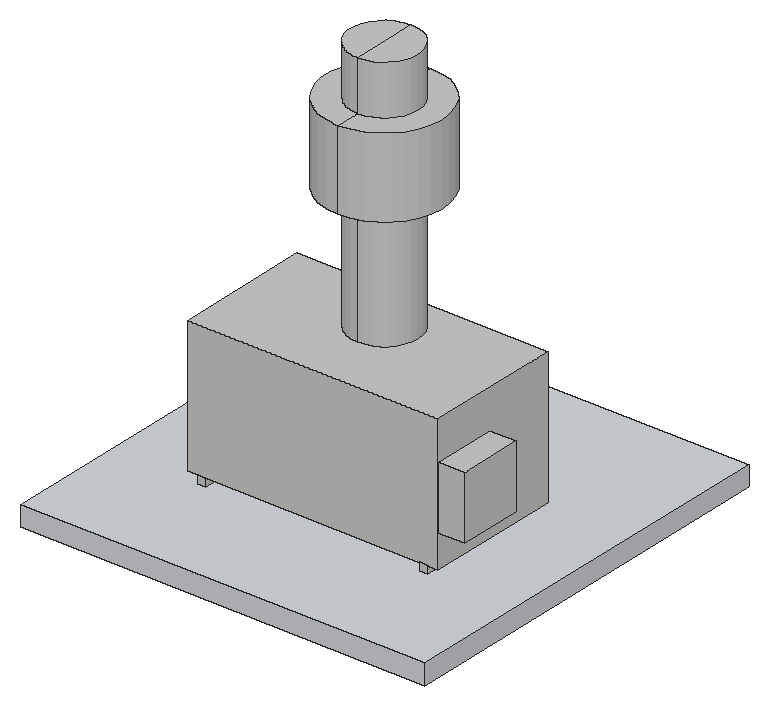
Revit family "DC_Rheem_PLM_Raypak_B1142HWT", category Plumbing Fixtures, host Face, Revit 2020
Family settings
  Host = Face
  Round Connector Dimension = Use Radius
  Part Type = Normal
  Cut with Voids When Loaded = No
  Shared = No
  Room Calculation Point = No
Parameters (values of type "Raypak - Gas Water Heater- Outdoor - 1090 MJ/h  Propane gas, modulating gas control")
  URL = "http://www.rheem.com.au/CommercialProducts"
  Type Comments = "Recovery 4128L/h @ 50°C rise\r\n"
  TopSmallDia_ANZRS = 405 mm  # constant formula
  TopH2_ANZRS = 480 mm
  TopH1_ANZRS = 300 mm
  TopBigDia_ANZRS = 700 mm
  PRVDiameter_ANZRS = PRVRadius_ANZRS * 2  # 15 mm
  Materials_ANZRS = Raypak - Grey Powder Coated Steel
  PRVRadius_ANZRS = 7.5 mm
  PVRDist_ANZRS = 85 mm
  Model = "B1142PCM/HWT\r\n"
  Manufacturer = "Raypak\r\n"
  Length_ANZRS = 1510 mm
  HotWaterPipeDist_ANZRS = 155 mm
  HotWaterPipeRadius_ANZRS = 32.5 mm
  HotWaterPipeDiameter_ANZRS = HotWaterPipeRadius_ANZRS * 2  # 65 mm
  GasPipeRadius_ANZRS = 10 mm
  GasPipeHeight_ANZRS = 410 mm
  GasPipeDist_ANZRS = 130 mm
  GasPipeDiameter_ANZRS = GasPipeRadius_ANZRS * 2  # 20 mm
  EleBoxWidth_ANZRS = 160 mm
  EleBoxHeightfromBase_ANZRS = 245 mm
  EleBoxHeight_ANZRS = 380 mm
  DesignBy_ANZRS = "Design Content ©"
  ColdWaterPipeDiameter_ANZRS = ColdWaterPipeRadius_ANZRS * 2  # 65 mm
  Author_ANZRS = "DM"
  Description = "Raypak - Gas Water Heater- Outdoor - 1090 MJ/h  Propane gas, modulating gas control\r\n"
  Default Elevation = 0 mm  # constant formula
  ConnHeight_ANZRS = 755 mm
  ColdWaterPipeRadius_ANZRS = 32.5 mm
  ColdWaterPipeDisi_ANZRS = 280 mm
  BoxHeight_ANZRS = 860 mm
  BaseWidth_ANZRS = 50 mm
  BaseHeight_ANZRS = 45 mm
  BaseDist_ANZRS = 60 mm
  Assembly Code = ""
Types (5, lengths in mm): name | URL | Type Comments | Model | GasPipeRadius_ANZRS | GasPipeDiameter_ANZRS | Description
  (no name) | "http://www.rheem.com.au/downloads/PDF/Raypak_Mechanical_Heating_Brochure_July_09.pdf\r\n" | "Recovery 4128L/h @ 50°C rise\r\n" | "B1142PCO/HWT\r\n" | 16 | 32 | "Raypak - Gas Water Heater- Outdoor - 1090 MJ/h  Propane gas, On/Off gas control\r\n"
  Raypak - Gas Water Heater- Outdoor - 1142 MJ/h  Natural gas, modulating gas control | "http://www.rheem.com.au/CommercialProducts" | "Recovery 4386L/h @ 50°C rise\r\n" | "B1142NCM/HWT\r\n" | 20 | 40 | "Raypak - Gas Water Heater- Outdoor - 1142 MJ/h  Natural gas, modulating gas control\r\n"
  Raypak - Gas Water Heater- Outdoor - 1142 MJ/h  Natural gas, On/Off gas control | "http://www.rheem.com.au/CommercialProducts" | "Recovery 4386L/h @ 50°C rise\r\n" | "B1142NCO/HWT\r\n" | 20 | 40 | "Raypak - Gas Water Heater- Outdoor - 1142 MJ/h  Natural gas, On/Off gas control\r\n"
  Raypak - Gas Water Heater- Outdoor - 1090 MJ/h  Propane gas, modulating gas control | "http://www.rheem.com.au/CommercialProducts" | "Recovery 4128L/h @ 50°C rise\r\n" | "B1142PCM/HWT\r\n" | 10 | 20 | "Raypak - Gas Water Heater- Outdoor - 1090 MJ/h  Propane gas, modulating gas control\r\n"
  Raypak - Gas Water Heater- Outdoor - 1090 MJ/h  Propane gas, On/Off gas control | "http://www.rheem.com.au/CommercialProducts" | "Recovery 4128L/h @ 50°C rise\r\n" | "B1142PCO/HWT\r\n" | 16 | 32 | "Raypak - Gas Water Heater- Outdoor - 1090 MJ/h  Propane gas, On/Off gas control\r\n"
Reference planes
  plane 1 "Center (Front/Back)": y = 0
  plane 2: z = 0
  plane 3 "Center (Left/Right)": x = 0
  plane 4: z = 45
  plane 5: x = -755
  plane 6: x = 755
  plane 7: x = 915
  plane 8: z = 245
  plane 9: z = 860
  plane 10: x = -695
  plane 11: x = 695
  plane 12: x = -645
  plane 13: x = 645
  plane 14: y = 285
  plane 15: y = -540
  plane 16: z = 2395
  plane 17: z = 2095
  plane 18: z = 1615
  plane 19: y = 202.5
  plane 20: y = -202.5
  plane 21: y = 350
  plane 22: y = -350
  plane 23: z = 755
  plane 24: y = 200
  plane 25: y = 130
  plane 26: y = -150
  plane 27: y = -410
  plane 28: z = 410
  plane 29: z = 625
  plane 30: x = -202.5
  plane 31: x = 202.5
  plane 32: x = -350
  plane 33: x = 350
  plane 34: x = -745
  plane 35: x = -775
  plane 36: y = -155
Forms (mm)
  Extrusion 1, solid
    sketch origin (0, 0, 0) x (1, 0, 0) y (0, 1, 0)
      loop
        line (-1219.2, 1219.2) -> (-1219.2, -1219.2) -> (1219.2, -1219.2) -> (1219.2, 1219.2) -> (-1219.2, 1219.2)
    from 0 to -120
  Extrusion 2, solid, material "Raypak - Grey Powder Coated Steel" <- "Materials_ANZRS"
    sketch origin (0, 0, 0) x (1, 0, 0) y (0, 0, 1)
      loop
        line (-695, 45) -> (-695, 0) -> (-645, 0) -> (-645, 45) -> (-695, 45)
      loop
        line (645, 45) -> (645, 0) -> (695, 0) -> (695, 45) -> (645, 45)
    from -285 to 540
  Extrusion 3, solid, material "Raypak - Grey Powder Coated Steel" <- "Materials_ANZRS"
    sketch origin (0, 0, 0) x (1, 0, 0) y (0, 1, 0)
      loop
        line (-755, 285) -> (-755, -540) -> (755, -540) -> (755, 285) -> (-755, 285)
    from 45 to 860
  Revolve 4, solid, material "Raypak - Grey Powder Coated Steel" <- "Materials_ANZRS"
    sketch origin (0, 0, 0) x (0, 1, 0) y (0, 0, 1)
      loop
        line (0, 2395) -> (-202.5, 2395) -> (-202.5, 2095) -> (-350, 2095) -> (-350, 1615) -> (-202.5, 1615) -> (-202.5, 860) -> (0, 860) -> (0, 2395)
      axis (0, 2395) -> (0, 860)
    angle from 0 to 360
  Extrusion 5, solid, material "Raypak - Grey Powder Coated Steel" <- "Materials_ANZRS"
    sketch origin (0, 0, 0) x (1, 0, 0) y (0, 0, 1)
      loop
        line (755, 625) -> (755, 245) -> (915, 245) -> (915, 625) -> (755, 625)
    from 155 to 540
  Extrusion 6, void
    sketch origin (0, 0, 0) x (0, 1, 0) y (0, 0, 1)
      loop
        circle (200, 755) r 7.5
      loop
        circle (130, 755) r 32.5
      loop
        circle (-150, 755) r 32.5
    from -755 to -745
  Extrusion 7, solid, material "Raypak - Grey Powder Coated Steel" <- "Materials_ANZRS"
    sketch origin (0, 0, 0) x (0, 1, 0) y (0, 0, 1)
      loop
        circle (-410, 410) r 10
    from -775 to -755
Cuts and joins
  Extrusion 6 cuts Extrusion 3
  joined: Extrusion 3, Extrusion 7
Lines and regions (mm)
  Masking region 1
    outline origin (0, 0, 0) x (1, 0, 0) y (0, 1, 0)
      loop
        line (-755, 285) -> (-755, -395) -> (-775, -395) -> (-775, -425) -> (-755, -425) -> (-755, -540) -> (915, -540) -> (915, -155) -> (755, -155) -> (755, 285) -> (203.162, 285)
        arc (203.162, 285) -> (106.654, 333.354) -> (0, 350) r 350
        arc (0, 350) -> (-106.654, 333.354) -> (-203.162, 285) r 350
        line (-203.162, 285) -> (-755, 285)
  Masking region 2
    outline origin (0, 0, 0) x (1, 0, 0) y (0, 0, 1)
      loop
        line (202.5, 2395) -> (-202.5, 2395) -> (-202.5, 2095) -> (-350, 2095) -> (-350, 1615) -> (-202.5, 1615) -> (-202.5, 860) -> (-755, 860) -> (-755, 425) -> (-775, 425) -> (-775, 395) -> (-755, 395) -> (-755, 45) -> (-695, 45) -> (-695, 0) -> (-645, 0) -> (-645, 45) -> (645, 45) -> (645, 0) -> (695, 0) -> (695, 45) -> (755, 45) -> (755, 245) -> (915, 245) -> (915, 625) -> (755, 625) -> (755, 860) -> (202.5, 860) -> (202.5, 1615) -> (350, 1615) -> (350, 2095) -> (202.5, 2095) -> (202.5, 2395)
  Masking region 3
    outline origin (0, 0, 0) x (0, 1, 0) y (0, 0, 1)
      loop
        line (202.5, 2395) -> (-202.5, 2395) -> (-202.5, 2095) -> (-350, 2095) -> (-350, 1615) -> (-202.5, 1615) -> (-202.5, 860) -> (-540, 860) -> (-540, 0) -> (285, 0) -> (285, 860) -> (202.5, 860) -> (202.5, 1615) -> (350, 1615) -> (350, 2095) -> (202.5, 2095) -> (202.5, 2395)
  symbolic lines, style "Rheem Raypak", detail levels fine
    curve 1: line (-350, 0, 2095) -> (-350, 0, 1615)
    curve 2: line (-350, 0, 1615) -> (350, 0, 1615)
    curve 3: line (-202.5, 0, 1615) -> (-202.5, 0, 860)
    curve 4: line (-202.5, 0, 2395) -> (-202.5, 0, 2095)
    curve 5: line (202.5, 0, 2395) -> (-202.5, 0, 2395)
    curve 6: line (202.5, 0, 2095) -> (202.5, 0, 2395)
    curve 7: line (350, 0, 2095) -> (-350, 0, 2095)
    curve 8: line (350, 0, 1615) -> (350, 0, 2095)
    curve 9: line (202.5, 0, 860) -> (202.5, 0, 1615)
    curve 10: line (755, 0, 860) -> (-755, 0, 860)
    curve 11: line (755, 0, 45) -> (755, 0, 860)
    curve 12: line (-755, 0, 860) -> (-755, 0, 45)
    curve 13: line (-755, 0, 45) -> (755, 0, 45)
    curve 14: line (-645, 0, 0) -> (-645, 0, 45)
    curve 15: line (-695, 0, 0) -> (-645, 0, 0)
    curve 16: line (-695, 0, 45) -> (-695, 0, 0)
    curve 17: line (695, 0, 0) -> (695, 0, 45)
    curve 18: line (645, 0, 45) -> (645, 0, 0)
    curve 19: line (645, 0, 0) -> (695, 0, 0)
    curve 20: line (755, 0, 245) -> (915, 0, 245)
    curve 21: line (915, 0, 245) -> (915, 0, 625)
    curve 22: line (915, 0, 625) -> (755, 0, 625)
    curve 23: line (-775, 0, 395) -> (-755, 0, 395)
    curve 24: line (-775, 0, 425) -> (-775, 0, 395)
    curve 25: line (-755, 0, 425) -> (-775, 0, 425)
    curve 26: line (0, -350, 2095) -> (0, 350, 2095)
    curve 27: line (0, -350, 1615) -> (0, 350, 1615)
    curve 28: line (0, 350, 1615) -> (0, 350, 2095)
    curve 29: line (0, -350, 2095) -> (0, -350, 1615)
    curve 30: line (0, -202.5, 2395) -> (0, -202.5, 2095)
    curve 31: line (0, 202.5, 2095) -> (0, 202.5, 2395)
    curve 32: line (0, -202.5, 2395) -> (0, 202.5, 2395)
    curve 33: line (0, -202.5, 1615) -> (0, -202.5, 860)
    curve 34: line (0, 202.5, 860) -> (0, 202.5, 1615)
    curve 35: line (0, 285, 860) -> (0, -540, 860)
    curve 36: line (0, -540, 860) -> (0, -540, 45)
    curve 37: line (0, 285, 45) -> (0, 285, 860)
    curve 38: line (0, -540, 45) -> (0, 285, 45)
    curve 39: line (0, 285, 0) -> (0, 285, 45)
    curve 40: line (0, -540, 45) -> (0, -540, 0)
    curve 41: line (0, -540, 0) -> (0, 285, 0)
    curve 42: arc (0, -182.5, 755) -> (0, -150, 722.5) -> (0, -117.5, 755) r 32.5
    curve 43: arc (0, -117.5, 755) -> (0, -150, 787.5) -> (0, -182.5, 755) r 32.5
    curve 44: arc (0, -400, 410) -> (0, -410, 400) -> (0, -420, 410) r 10
    curve 45: arc (0, -420, 410) -> (0, -410, 420) -> (0, -400, 410) r 10
    curve 46: arc (0, 97.5, 755) -> (0, 130, 722.5) -> (0, 162.5, 755) r 32.5
    curve 47: arc (0, 162.5, 755) -> (0, 130, 787.5) -> (0, 97.5, 755) r 32.5
    curve 48: arc (0, 192.5, 755) -> (0, 200, 747.5) -> (0, 207.5, 755) r 7.5
    curve 49: arc (0, 207.5, 755) -> (0, 200, 762.5) -> (0, 192.5, 755) r 7.5
    curve 50: arc (0, -350, 0) -> (-350, 0, 0) -> (0, 350, 0) r 350
    curve 51: arc (0, 350, 0) -> (350, 0, 0) -> (0, -350, 0) r 350
    curve 52: arc (0, 202.5, 0) -> (202.5, 0, 0) -> (0, -202.5, 0) r 202.5
    curve 53: arc (0, -202.5, 0) -> (-202.5, 0, 0) -> (0, 202.5, 0) r 202.5
    curve 54: line (755, 285, 0) -> (180.662, 285, 0)
    curve 55: line (755, -540, 0) -> (755, 285, 0)
    curve 56: line (-755, -540, 0) -> (755, -540, 0)
    curve 57: line (-755, 285, 0) -> (-755, -540, 0)
    curve 58: line (915, 285, 0) -> (755, 285, 0)
    curve 59: line (915, -540, 0) -> (915, 285, 0)
    curve 60: line (755, -540, 0) -> (915, -540, 0)
    curve 61: line (-775, -395, 0) -> (-775, -425, 0)
    curve 62: line (-180.662, 285, 0) -> (-755, 285, 0)
    curve 63: line (-775, -395, 0) -> (-755, -395, 0)
    curve 64: line (-775, -425, 0) -> (-755, -425, 0)
Dimensions and locks
  "BaseHeight_ANZRS": plane 4 to level
  equal spacing: plane 6, plane 3 "Center (Left/Right)", plane 5
  "Length_ANZRS": plane 5 to plane 6
  "EleBoxWidth_ANZRS": plane 6 to plane 7
  "EleBoxHeightfromBase_ANZRS": plane 8 to Extrusion 1
  "EleBoxHeight_ANZRS": plane 29 to plane 8
  "BaseDist_ANZRS": plane 10 to plane 5
  "BaseDist_ANZRS": plane 11 to plane 6
  "BaseWidth_ANZRS": plane 10 to plane 12
  "BaseWidth_ANZRS": plane 11 to plane 13
  plane 1 "Center (Front/Back)" to plane 15 = 540 mm
  plane 14 to plane 15 = 825 mm
  plane 16 to Extrusion 1 = 2395 mm
  "TopSmallDia_ANZRS": plane 19 to plane 20
  equal spacing: plane 19, plane 1 "Center (Front/Back)", plane 20
  equal spacing: plane 21, plane 1 "Center (Front/Back)", plane 22
  "TopBigDia_ANZRS": plane 21 to plane 22
  "ConnHeight_ANZRS": plane 23 to Extrusion 1
  "BoxHeight_ANZRS": plane 9 to Extrusion 1
  "PVRDist_ANZRS": plane 14 to plane 24
  "HotWaterPipeDist_ANZRS": plane 14 to plane 25
  "ColdWaterPipeDisi_ANZRS": plane 25 to plane 26
  "GasPipeDist_ANZRS": plane 27 to plane 15
  "GasPipeHeight_ANZRS": plane 28 to Extrusion 1
  "TopH1_ANZRS": plane 16 to plane 17
  "TopH2_ANZRS": plane 17 to plane 18
  equal spacing: plane 32, plane 3 "Center (Left/Right)", plane 33
  "TopSmallDia_ANZRS": plane 30 to plane 31
  equal spacing: plane 30, plane 3 "Center (Left/Right)", plane 31
  "TopBigDia_ANZRS": plane 32 to plane 33
  locked: plane 5 to plane 34 at 10
  locked: plane 35 to plane 5 at 20
  "ColdWaterPipeRadius_ANZRS": radius of Extrusion 6 sketch curve
  "HotWaterPipeRadius_ANZRS": radius of Extrusion 6 sketch curve
  "PRVRadius_ANZRS": radius of Extrusion 6 sketch curve
  "GasPipeRadius_ANZRS": radius of Extrusion 7 sketch curve
  aligned and locked: plane 2 to Extrusion 1
  aligned and locked: level to Extrusion 1
  aligned and locked: Extrusion 2 sketch curve to plane 4  (x2)
  aligned and locked: Extrusion 2 sketch curve to plane 10
  aligned and locked: level to Extrusion 2 sketch curve  (x2)
  aligned and locked: plane 12 to Extrusion 2 sketch curve
  aligned and locked: plane 13 to Extrusion 2 sketch curve
  aligned and locked: plane 11 to Extrusion 2 sketch curve
  aligned and locked: plane 14 to Extrusion 3 sketch curve
  aligned and locked: plane 15 to Extrusion 3 sketch curve
  aligned and locked: plane 6 to Extrusion 3 sketch curve
  aligned and locked: plane 9 to Extrusion 3
  aligned and locked: Extrusion 3 to plane 4
  aligned and locked: Extrusion 2 to plane 15
  aligned and locked: Extrusion 2 to plane 14
  aligned and locked: plane 16 to Revolve 4 sketch curve
  aligned and locked: Revolve 4 sketch curve to plane 20
  aligned and locked: Revolve 4 sketch curve to plane 22
  aligned and locked: plane 9 to Revolve 4 sketch curve
  aligned and locked: Revolve 4 sketch curve to plane 1 "Center (Front/Back)"
  aligned and locked: Extrusion 5 sketch curve to plane 29
  aligned and locked: Extrusion 5 sketch curve to plane 6
  aligned and locked: plane 8 to Extrusion 5 sketch curve
  aligned and locked: plane 7 to Extrusion 5 sketch curve
  aligned: Extrusion 2 to Extrusion 5
  aligned and locked: Extrusion 5 to Extrusion 2
  aligned and locked: plane 24 to Extrusion 6 sketch curve
  aligned and locked: plane 23 to Extrusion 6 sketch curve  (x3)
  aligned and locked: plane 25 to Extrusion 6 sketch curve
  aligned and locked: plane 26 to Extrusion 6 sketch curve
  aligned and locked: Extrusion 3 to plane 5
  aligned and locked: Extrusion 6 to plane 5
  aligned and locked: Extrusion 6 to plane 34
  aligned and locked: plane 28 to Extrusion 7 sketch curve
  aligned and locked: plane 27 to Extrusion 7 sketch curve
  aligned and locked: plane 35 to Extrusion 7
  aligned: Extrusion 7 to plane 34
  aligned and locked: plane 5 to Extrusion 7
  aligned and locked: Masking region 1 sketch curve to cut or joined group of Extrusion 3, Extrusion 6, Extrusion 7  (x3)
  aligned and locked: Masking region 1 sketch curve to Extrusion 5  (x2)
  aligned and locked: Masking region 1 sketch curve to Revolve 4  (x2)
  aligned and locked: Masking region 2 sketch curve to plane 31
  aligned and locked: Masking region 2 sketch curve to plane 30
  aligned and locked: Masking region 2 sketch curve to plane 16
  aligned and locked: Masking region 2 sketch curve to plane 17
  aligned and locked: Masking region 2 sketch curve to plane 18
  aligned and locked: Masking region 2 sketch curve to plane 33
  aligned and locked: Masking region 2 sketch curve to plane 32
  aligned and locked: Masking region 2 sketch curve to plane 9
  aligned and locked: plane 6 to Masking region 2 sketch curve
  aligned and locked: Masking region 2 sketch curve to plane 29
  aligned and locked: Masking region 2 sketch curve to plane 8
  aligned and locked: plane 7 to Masking region 2 sketch curve
  aligned and locked: Masking region 2 sketch curve to cut or joined group of Extrusion 3, Extrusion 6, Extrusion 7
  aligned and locked: Masking region 2 sketch curve to plane 5
  aligned and locked: Extrusion 1 to Masking region 2 sketch curve  (x2)
  aligned and locked: plane 16 to Masking region 3 sketch curve
  aligned and locked: plane 17 to Masking region 3 sketch curve
  aligned and locked: Masking region 3 sketch curve to plane 22
  aligned and locked: Masking region 3 sketch curve to plane 21
  aligned and locked: Masking region 3 sketch curve to plane 19
  aligned and locked: Masking region 3 sketch curve to plane 20
  aligned and locked: plane 9 to Masking region 3 sketch curve
  aligned and locked: Masking region 3 sketch curve to plane 15
  aligned and locked: plane 14 to Masking region 3 sketch curve
  aligned and locked: Extrusion 1 to Masking region 3 sketch curve
  aligned and locked: plane 18 to Masking region 3 sketch curve
  aligned and locked: Masking region 2 sketch curve to plane 12
  aligned and locked: Masking region 2 sketch curve to plane 10
  aligned and locked: Masking region 2 sketch curve to plane 11
  aligned and locked: plane 13 to Masking region 2 sketch curve
  aligned and locked: Masking region 2 sketch curve to plane 4  (x3)
  aligned and locked: curve 1 to Masking region 2
  aligned and locked: curve 2 to Masking region 2
  aligned and locked: curve 3 to Masking region 2
  aligned and locked: curve 4 to Masking region 2
  aligned and locked: curve 5 to Masking region 2
  aligned and locked: curve 6 to Masking region 2
  aligned and locked: curve 7 to Masking region 2
  aligned and locked: curve 8 to Masking region 2
  aligned and locked: curve 9 to Masking region 2
  aligned and locked: curve 10 to cut or joined group of Extrusion 3, Extrusion 6, Extrusion 7
  aligned and locked: curve 11 to cut or joined group of Extrusion 3, Extrusion 6, Extrusion 7
  aligned and locked: curve 12 to cut or joined group of Extrusion 3, Extrusion 6, Extrusion 7
  aligned and locked: curve 13 to cut or joined group of Extrusion 3, Extrusion 6, Extrusion 7
  aligned and locked: curve 14 to Extrusion 2
  aligned and locked: curve 15 to Extrusion 2
  aligned and locked: curve 16 to Extrusion 2
  aligned and locked: curve 17 to Extrusion 2
  aligned and locked: curve 18 to Extrusion 2
  aligned and locked: curve 19 to Extrusion 2
  aligned and locked: curve 20 to Extrusion 5
  aligned and locked: curve 21 to Extrusion 5
  aligned and locked: curve 22 to Extrusion 5
  aligned and locked: curve 23 to Masking region 2
  aligned and locked: curve 24 to cut or joined group of Extrusion 3, Extrusion 6, Extrusion 7
  aligned and locked: curve 25 to Masking region 2
  aligned and locked: curve 26 to Revolve 4
  aligned and locked: curve 27 to Revolve 4
  aligned and locked: curve 28 to Masking region 3
  aligned and locked: curve 29 to Masking region 3
  aligned and locked: curve 30 to Masking region 3
  aligned and locked: curve 31 to Masking region 3
  aligned and locked: curve 32 to Revolve 4
  aligned and locked: curve 33 to Masking region 3
  aligned and locked: curve 34 to Masking region 3
  aligned and locked: curve 35 to cut or joined group of Extrusion 3, Extrusion 6, Extrusion 7
  aligned and locked: curve 36 to cut or joined group of Extrusion 3, Extrusion 6, Extrusion 7
  aligned and locked: curve 37 to cut or joined group of Extrusion 3, Extrusion 6, Extrusion 7
  aligned and locked: curve 38 to cut or joined group of Extrusion 3, Extrusion 6, Extrusion 7
  aligned and locked: curve 39 to Extrusion 2
  aligned and locked: curve 40 to Extrusion 2
  aligned and locked: curve 41 to Extrusion 2
  aligned and locked: curve 50 to Revolve 4
  aligned and locked: curve 51 to Revolve 4
  aligned and locked: curve 52 to Revolve 4
  aligned and locked: curve 53 to Revolve 4
  aligned and locked: curve 54 to cut or joined group of Extrusion 3, Extrusion 6, Extrusion 7
  aligned and locked: curve 55 to cut or joined group of Extrusion 3, Extrusion 6, Extrusion 7
  aligned and locked: curve 56 to cut or joined group of Extrusion 3, Extrusion 6, Extrusion 7
  aligned and locked: curve 57 to cut or joined group of Extrusion 3, Extrusion 6, Extrusion 7
  aligned and locked: curve 59 to Extrusion 5
  aligned and locked: curve 60 to Extrusion 5
  aligned and locked: curve 61 to cut or joined group of Extrusion 3, Extrusion 6, Extrusion 7
  aligned and locked: curve 46 to cut or joined group of Extrusion 3, Extrusion 6, Extrusion 7
  aligned and locked: curve 48 to cut or joined group of Extrusion 3, Extrusion 6, Extrusion 7
  aligned and locked: curve 42 to cut or joined group of Extrusion 3, Extrusion 6, Extrusion 7
  aligned and locked: curve 44 to cut or joined group of Extrusion 3, Extrusion 6, Extrusion 7
Automatic sketch dimensions
  Extrusion 1 sketch curve to Extrusion 1 sketch curve = 2438.4 mm  (x2)
  Revolve 4 sketch curve to plane 1 "Center (Front/Back)" = 0 mm
  Revolve 4 sketch curve to plane 16 = 51.193 mm
  Revolve 4 sketch curve to level = 2207.352 mm
  Revolve 4 sketch curve to plane 18 = 0 mm
  Revolve 4 sketch curve to plane 20 = 0 mm
  Revolve 4 sketch curve to plane 17 = 0 mm
  Extrusion 3 sketch curve to plane 5 = 0 mm
  plane 30 to Masking region 2 sketch curve = 0 mm
  Masking region 2 sketch curve to plane 18 = 0 mm
  Masking region 2 sketch curve to plane 31 = 0 mm
  Masking region 2 sketch curve to plane 9 = 0 mm
  Masking region 2 sketch curve to plane 17 = 0 mm
  Masking region 2 sketch curve to plane 28 = 15 mm
  Masking region 2 sketch curve to plane 5 = 0 mm
  plane 28 to Masking region 2 sketch curve = 15 mm
  Masking region 3 sketch curve to plane 19 = 0 mm
  Masking region 3 sketch curve to plane 17 = 0 mm
  Masking region 3 sketch curve to plane 20 = 0 mm
  Masking region 3 sketch curve to plane 18 = 0 mm
  Masking region 3 sketch curve to plane 9 = 0 mm
  plane 6 to Masking region 2 sketch curve = 0 mm
  curve 3 to plane 9 = 0 mm
  curve 4 to plane 16 = 0 mm
  curve 5 to plane 31 = 0 mm
  curve 7 to plane 33 = 0 mm
  curve 8 to plane 18 = 0 mm
  curve 10 to plane 5 = 0 mm
  plane 6 to curve 10 = 0 mm
  curve 11 to plane 4 = 0 mm
  curve 14 to level = 0 mm
  plane 12 to curve 14 = 0 mm
  plane 10 to curve 15 = 0 mm
  curve 17 to level = 0 mm
  plane 11 to curve 17 = 0 mm
  curve 18 to plane 13 = 0 mm
  plane 7 to curve 20 = 0 mm
  curve 20 to plane 8 = 0 mm
  curve 21 to plane 29 = 0 mm
  plane 35 to curve 23 = 0 mm
  curve 23 to plane 28 = 15 mm
  plane 28 to curve 24 = 15 mm
  curve 9 to plane 31 = 0 mm
  plane 30 to curve 3 = 0 mm
  plane 32 to curve 1 = 0 mm
  plane 30 to curve 4 = 0 mm
  curve 1 to plane 17 = 0 mm
  curve 27 to plane 18 = 0 mm
  curve 27 to plane 22 = 0 mm
  curve 26 to plane 17 = 0 mm
  curve 27 to plane 21 = 0 mm
  curve 30 to plane 20 = 0 mm
  curve 31 to plane 19 = 0 mm
  curve 31 to plane 16 = 0 mm
  curve 33 to plane 20 = 0 mm
  curve 33 to plane 9 = 0 mm
  curve 34 to plane 19 = 0 mm
  curve 35 to plane 15 = 0 mm
  curve 35 to plane 14 = 0 mm
  curve 37 to plane 4 = 0 mm
  curve 40 to level = 0 mm
  curve 61 to plane 35 = 0 mm
  curve 62 to plane 5 = 0 mm
  plane 14 to curve 62 = 0 mm
  curve 60 to plane 6 = 0 mm
  curve 60 to plane 7 = 0 mm
  curve 56 to plane 15 = 0 mm
  curve 62 to plane 30 = 21.838 mm
  curve 54 to plane 31 = 21.838 mm
  plane 27 to curve 64 = 15 mm
  curve 63 to plane 27 = 15 mm
  curve 54 to plane 1 "Center (Front/Back)" = 285 mm
  Masking region 1 sketch curve to plane 5 = 0 mm
  plane 14 to Masking region 1 sketch curve = 0 mm
  Masking region 1 sketch curve to plane 6 = 0 mm
  plane 27 to Masking region 1 sketch curve = 15 mm
  Masking region 1 sketch curve to plane 27 = 15 mm
  plane 1 "Center (Front/Back)" to Masking region 1 sketch curve = 155 mm
Connectors
  piping at (-755, 200, 755), diameter 15, driven by "PRVRadius_ANZRS"
    settings: on cut or joined group of Extrusion 3, Extrusion 6, Extrusion 7, index 1, connector inside diameter 0.59055", connector length 0 mm, flow factor 0, pipe flow 0 GPM, pressure drop 0.00 psi, fitting loss kfactor 0, connector angle 0.00°, fixture units 0, engagement length 0 mm, angle of deflection 0.00°, flow configuration 1, flow direction 2, fitting loss method 0, system type 22, joint type 0, gender type 0, connector reference index -1, connector utility 0, adjustable connector no, is connector primary yes, connector description "PRV"
  piping at (-755, 130, 755), diameter 65, driven by "HotWaterPipeRadius_ANZRS"
    settings: on cut or joined group of Extrusion 3, Extrusion 6, Extrusion 7, index 2, connector inside diameter 2.55906", connector length 0 mm, flow factor 0, pipe flow 0 GPM, pressure drop 0.00 psi, fitting loss kfactor 0, connector angle 0.00°, fixture units 0, engagement length 0 mm, angle of deflection 0.00°, flow configuration 1, flow direction 2, fitting loss method 0, system type 19, joint type 0, gender type 0, connector reference index -1, connector utility 0, adjustable connector no, is connector primary no, connector description ""
  piping at (-755, -150, 755), diameter 65, driven by "ColdWaterPipeRadius_ANZRS"
    settings: on cut or joined group of Extrusion 3, Extrusion 6, Extrusion 7, index 3, connector inside diameter 2.55906", connector length 0 mm, flow factor 0, pipe flow 0 GPM, pressure drop 0.00 psi, fitting loss kfactor 0, connector angle 0.00°, fixture units 0, engagement length 0 mm, angle of deflection 0.00°, flow configuration 1, flow direction 1, fitting loss method 0, system type 20, joint type 0, gender type 0, connector reference index -1, connector utility 0, adjustable connector no, is connector primary no, connector description ""
  piping at (-775, -410, 410), diameter 20, driven by "GasPipeRadius_ANZRS"
    settings: on cut or joined group of Extrusion 3, Extrusion 6, Extrusion 7, index 4, connector inside diameter 1.25984", connector length 0 mm, flow factor 0, pipe flow 0 GPM, pressure drop 0.00 psi, fitting loss kfactor 0, connector angle 0.00°, fixture units 0, engagement length 0 mm, angle of deflection 0.00°, flow configuration 1, flow direction 1, fitting loss method 0, system type 22, joint type 0, gender type 0, connector reference index -1, connector utility 0, adjustable connector no, is connector primary no, connector description "Gas"
